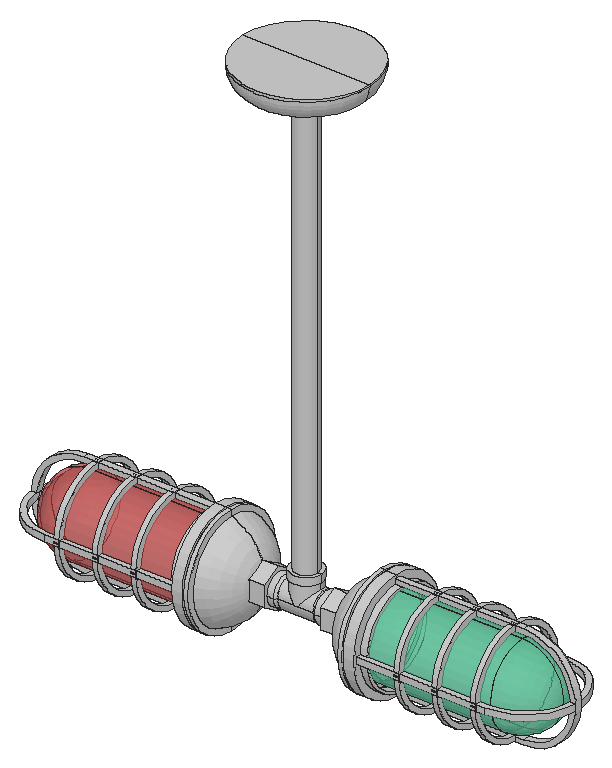
Revit family "DPV1.STXX", category Lighting Fixtures, Revit 2024
Family settings
  Round Connector Dimension = Use Diameter
  Part Type = Normal
  OmniClass Number = 23.80.70.00
  OmniClass Title = Lighting
  Work Plane-Based = No
  Always vertical = Yes
  Cut with Voids When Loaded = No
  Light Source = No
  Maintain Annotation Orientation = No
  Shared = No
  Room Calculation Point = No
Parameters
  Default Elevation = 0' - 0"
Reference planes (in)
  plane 1 "Light Source Axis (F/B)": y = 0
  plane 2: z = 0
  plane 3 "Light Source Axis (L/R)": x = 0
  plane 4 "Light Source Elevation": z = 84
Forms (in)
  Revolve 1, solid, material "53"
    sketch origin (1.43133, 0.00447, 95.48451) x (-1, 0, 0) y (0, 0, -1)
      loop
        line (0.83133, 8.24863) -> (0.99383, 8.24863) -> (0.99383, -8.75137) -> (-0.15915, -8.75137)
        arc (-0.15915, -8.75137) -> (-0.80228, -9.01776) -> (-1.06867, -9.66089) r 0.90952
        line (-1.06867, -9.66089) -> (-1.06867, -9.75137) -> (1.43133, -9.75137) -> (1.43133, 9.33885) -> (0.87564, 9.33885) -> (0.87564, 8.54863) -> (0.83133, 8.54863) -> (0.83133, 8.24863)
      axis (1.43133, -9.75137) -> (1.43133, 9.33885)
    angle from 0 to 360
  Revolve 2, solid, material "53"
    sketch origin (1.43133, -9.35, 86.14209) x (0, 1, 0) y (-1, 0, 0)
      loop
        line (9.36163, 0.31883) -> (9.96163, 0.31883) -> (9.96163, 0.61883)
        arc (9.96163, 0.61883) -> (9.92902, 0.66763) -> (9.91757, 0.7252) r 0.15044
        line (9.91757, 0.7252) -> (9.91757, 2.13745)
        arc (9.91757, 2.13745) -> (9.92902, 2.19502) -> (9.96163, 2.24383) r 0.15044
        line (9.96163, 2.24383) -> (9.96163, 2.54383) -> (9.36163, 2.54383) -> (9.36163, 0.31883)
      axis (9.36163, 0.31883) -> (9.36163, 2.54383)
    angle from 0 to 360
  Extrusion 3, solid, material "53"
    sketch origin (-7.76688, -9.35, 79.30206) x (0, 0, 1) y (0, -1, 0)
      loop
        line (6.05272, -9.36163) -> (6.44638, -10.04346) -> (7.23369, -10.04346) -> (7.62734, -9.36163) -> (7.23369, -8.6798) -> (6.44638, -8.6798) -> (6.05272, -9.36163)
    from 8.87938 to 9.53136
  Extrusion 4, solid, material "53"
    sketch origin (88.17304, -1.35, 79.30206) x (0, 0, -1) y (1, 0, 0)
      loop
        line (-4.78958, -84.58935) -> (-4.78958, -79.4727)
        arc (-4.78958, -79.4727) -> (-6.84003, -77.42225) -> (-8.89048, -79.4727) r 2.05045
        line (-8.89048, -79.4727) -> (-8.89048, -84.58935) -> (-8.68859, -84.58935) -> (-8.68859, -79.4727)
        arc (-8.68859, -79.4727) -> (-8.1884, -78.20816) -> (-6.95853, -77.62794) r 1.84856
        arc (-6.95853, -77.62794) -> (-5.57549, -78.12432) -> (-4.99147, -79.4727) r 1.84856
        line (-4.99147, -79.4727) -> (-4.99147, -84.58935) -> (-4.78958, -84.58935)
    from -1.47618 to -1.22382
  Revolve 5, solid, material "53"
    sketch origin (88.17304, -0.00202, 79.30206) x (0, 0, -1) y (1, 0, 0)
      loop
        arc (-6.84003, -86.56466) -> (-5.66451, -86.19926) -> (-4.92753, -85.21325) r 1.99411
        line (-4.92753, -85.21325) -> (-4.69794, -85.21325) -> (-4.69794, -85.06325) -> (-4.74264, -85.06325) -> (-4.74264, -84.99313) -> (-4.69794, -84.99313) -> (-4.69794, -84.58935) -> (-4.99147, -84.58935) -> (-4.99147, -84.30461) -> (-5.08522, -84.30461) -> (-5.08522, -84.6831) -> (-4.79169, -84.6831) -> (-4.79169, -84.89938) -> (-4.83639, -84.89938) -> (-4.83639, -85.1195) -> (-4.99589, -85.1195)
        arc (-4.99589, -85.1195) -> (-5.692, -86.10354) -> (-6.84003, -86.4709) r 1.90036
        line (-6.84003, -86.4709) -> (-6.84003, -86.56466)
      loop
        line (-4.99147, -82.87328) -> (-4.99147, -83.07517) -> (-4.78958, -83.07517) -> (-4.78958, -82.87328) -> (-4.99147, -82.87328)
      loop
        line (-4.99147, -81.35911) -> (-4.99147, -81.561) -> (-4.78958, -81.561) -> (-4.78958, -81.35911) -> (-4.99147, -81.35911)
      loop
        line (-4.99147, -79.84493) -> (-4.99147, -80.04682) -> (-4.78958, -80.04682) -> (-4.78958, -79.84493) -> (-4.99147, -79.84493)
      loop
        line (-5.24003, -84.58935) -> (-5.24003, -79.6014)
        arc (-5.24003, -79.6014) -> (-5.70866, -78.47003) -> (-6.84003, -78.0014) r 1.6
        line (-6.84003, -78.0014) -> (-6.84003, -78.09515)
        arc (-6.84003, -78.09515) -> (-5.77495, -78.53632) -> (-5.33378, -79.6014) r 1.50625
        line (-5.33378, -79.6014) -> (-5.33378, -84.58935) -> (-5.24003, -84.58935)
      axis (-6.84003, -86.56466) -> (-6.84003, -78.0014)
    angle from 0 to 360
  Extrusion 6, solid, material "53"
    sketch origin (88.17304, -9.35, 80.73338) x (0, -1, 0) y (1, 0, 0)
      loop
        line (-11.40045, -84.58935) -> (-11.19856, -84.58935) -> (-11.19856, -79.4727)
        arc (-11.19856, -79.4727) -> (-10.66903, -78.17758) -> (-9.38383, -77.62445) r 1.84856
        arc (-9.38383, -77.62445) -> (-8.05489, -78.15366) -> (-7.50144, -79.4727) r 1.84856
        line (-7.50144, -79.4727) -> (-7.50144, -84.58935) -> (-7.29955, -84.58935) -> (-7.29955, -79.4727)
        arc (-7.29955, -79.4727) -> (-9.35, -77.42225) -> (-11.40045, -79.4727) r 2.05045
        line (-11.40045, -79.4727) -> (-11.40045, -84.58935)
    from 5.28252 to 5.53489
  Extrusion 7, solid, material "53"
    sketch origin (-88.17304, -1.35, 79.30206) x (0, 0, -1) y (1, 0, 0)
      loop
        line (-4.78958, 84.58935) -> (-4.99147, 84.58935) -> (-4.99147, 79.4727)
        arc (-4.99147, 79.4727) -> (-5.57549, 78.12432) -> (-6.95853, 77.62794) r 1.84856
        arc (-6.95853, 77.62794) -> (-8.1884, 78.20816) -> (-8.68859, 79.4727) r 1.84856
        line (-8.68859, 79.4727) -> (-8.68859, 84.58935) -> (-8.89048, 84.58935) -> (-8.89048, 79.4727)
        arc (-8.89048, 79.4727) -> (-6.84003, 77.42225) -> (-4.78958, 79.4727) r 2.05045
        line (-4.78958, 79.4727) -> (-4.78958, 84.58935)
    from -1.47618 to -1.22382
  Revolve 8, solid, material "53"
    sketch origin (-88.17304, -0.00202, 79.30206) x (0, 0, -1) y (1, 0, 0)
      loop
        line (-6.84003, 86.56466) -> (-6.84003, 86.4709)
        arc (-6.84003, 86.4709) -> (-5.692, 86.10354) -> (-4.99589, 85.1195) r 1.90036
        line (-4.99589, 85.1195) -> (-4.83639, 85.1195) -> (-4.83639, 84.89938) -> (-4.79169, 84.89938) -> (-4.79169, 84.6831) -> (-5.08522, 84.6831) -> (-5.08522, 84.30461) -> (-4.99147, 84.30461) -> (-4.99147, 84.58935) -> (-4.69794, 84.58935) -> (-4.69794, 84.99313) -> (-4.74264, 84.99313) -> (-4.74264, 85.06325) -> (-4.69794, 85.06325) -> (-4.69794, 85.21325) -> (-4.92753, 85.21325)
        arc (-4.92753, 85.21325) -> (-5.66451, 86.19926) -> (-6.84003, 86.56466) r 1.99411
      loop
        line (-4.99147, 82.87328) -> (-4.78958, 82.87328) -> (-4.78958, 83.07517) -> (-4.99147, 83.07517) -> (-4.99147, 82.87328)
      loop
        line (-4.99147, 81.35911) -> (-4.78958, 81.35911) -> (-4.78958, 81.561) -> (-4.99147, 81.561) -> (-4.99147, 81.35911)
      loop
        line (-4.99147, 79.84493) -> (-4.78958, 79.84493) -> (-4.78958, 80.04682) -> (-4.99147, 80.04682) -> (-4.99147, 79.84493)
      loop
        line (-5.24003, 84.58935) -> (-5.33378, 84.58935) -> (-5.33378, 79.6014)
        arc (-5.33378, 79.6014) -> (-5.77495, 78.53632) -> (-6.84003, 78.09515) r 1.50625
        line (-6.84003, 78.09515) -> (-6.84003, 78.0014)
        arc (-6.84003, 78.0014) -> (-5.70866, 78.47003) -> (-5.24003, 79.6014) r 1.6
        line (-5.24003, 79.6014) -> (-5.24003, 84.58935)
      axis (-6.84003, 86.56466) -> (-6.84003, 78.0014)
    angle from 0 to 360
  Extrusion 9, solid, material "53"
    sketch origin (-88.17304, -9.35, 80.73338) x (0, -1, 0) y (1, 0, 0)
      loop
        line (-11.40045, 84.58935) -> (-11.40045, 79.4727)
        arc (-11.40045, 79.4727) -> (-9.35, 77.42225) -> (-7.29955, 79.4727) r 2.05045
        line (-7.29955, 79.4727) -> (-7.29955, 84.58935) -> (-7.50144, 84.58935) -> (-7.50144, 79.4727)
        arc (-7.50144, 79.4727) -> (-8.05489, 78.15366) -> (-9.38383, 77.62445) r 1.84856
        arc (-9.38383, 77.62445) -> (-10.66903, 78.17758) -> (-11.19856, 79.4727) r 1.84856
        line (-11.19856, 79.4727) -> (-11.19856, 84.58935) -> (-11.40045, 84.58935)
    from 5.28252 to 5.53489
  Extrusion 10, solid, material "53"
    sketch origin (7.76688, -9.35, 79.30206) x (0, 0, 1) y (0, 1, 0)
      loop
        line (6.05272, 9.36163) -> (6.44638, 8.6798) -> (7.23369, 8.6798) -> (7.62734, 9.36163) -> (7.23369, 10.04346) -> (6.44638, 10.04346) -> (6.05272, 9.36163)
    from 8.87938 to 9.53136
Dimensions and locks (in)
  aligned and locked: level to plane 2
